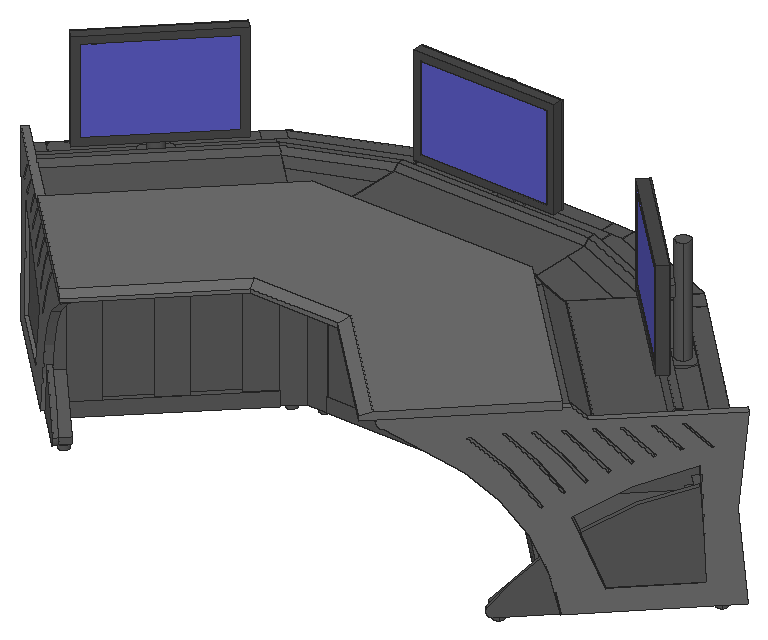
Revit family (continued)
Definition of nested family "W5671WS"
  Automatic sketch dimensions
    plane 1 "Center (Front/Back)" to Extrusion 2 sketch curve = 0' - 0"
    Extrusion 2 sketch curve to plane 3 "Center (Left/Right)" = 0' - 1.6925"
    Extrusion 2 sketch curve to plane 3 "Center (Left/Right)" = 0' - 1 11/16"
    plane 1 "Center (Front/Back)" to Extrusion 2 sketch curve = 0' - 0.00284"
    Extrusion 2 sketch curve to plane 3 "Center (Left/Right)" = 0' - 0.05795"
    plane 3 "Center (Left/Right)" to Extrusion 2 sketch curve = 0' - 0.01773"
    plane 3 "Center (Left/Right)" to Extrusion 2 sketch curve = 0' - 1 11/16"
    Extrusion 2 sketch curve to plane 1 "Center (Front/Back)" = 0' - 1 7/16"
    plane 1 "Center (Front/Back)" to Extrusion 3 sketch curve = 0' - 0"
    Extrusion 3 sketch curve to plane 3 "Center (Left/Right)" = 0' - 0"
    plane 3 "Center (Left/Right)" to Extrusion 4 sketch curve = 0' - 0 3/4"
    Extrusion 4 sketch curve to plane 3 "Center (Left/Right)" = 0' - 0 3/4"
    plane 1 "Center (Front/Back)" to Extrusion 4 sketch curve = 0' - 1"
    Extrusion 4 sketch curve to Extrusion 4 sketch curve = 0' - 1 1/2"
    Extrusion 5 sketch curve to Extrusion 4 = 0' - 0 3/4"  (x3)
    Extrusion 4 to Extrusion 5 sketch curve = 0' - 0 3/4"
    curve 2 to plane 7 "Right Side" = 0' - 0.73281"
    plane 3 "Center (Left/Right)" to curve 5 = 0' - 0 3/4"
    plane 3 "Center (Left/Right)" to curve 1 = 0' - 0 3/4"
    curve 5 to plane 3 "Center (Left/Right)" = 0' - 0 3/4"
    curve 1 to plane 3 "Center (Left/Right)" = 0' - 0 3/4"
    curve 2 to plane 6 "Left Side" = 0' - 0.73281"
    plane 1 "Center (Front/Back)" to curve 1 = 0' - 1 7/16"
    curve 1 to curve 5 = 0' - 1 1/16"
    curve 5 to curve 2 = 0' - 0 5/64"
    Masking region 1 sketch curve to plane 7 "Right Side" = 0' - 0.54531"
    Masking region 1 sketch curve to Masking region 1 sketch curve = 0' - 0 5/64"  (x2)
    radius of Extrusion 3 sketch curve = 0' - 1"
  Nested families (in)
    nested 1: "Generic 20 Inch Wide Screen Monitor" at (0, -2.57812, 10.65625) x (-1, 0, 0) z (0, -1, 0), type "Generic 20 Inch Wide Screen Monitor", detail levels fine
  Definition of nested family "Generic 20 Inch Wide Screen Monitor"
    Parameters (values of type "Generic 20 Inch Wide Screen Monitor")
      Default Elevation = 4' - 0"
    Reference planes (in)
      plane 1 "Center (Front/Back)": y = 0
      plane 2: z = 0
      plane 3 "Center (Left/Right)": x = 0
    Forms (in)
      Extrusion 1, solid
        sketch origin (0, 0, 0) x (1, 0, 0) y (0, 1, 0)
          loop
            line (-48, 48) -> (-48, -48) -> (48, -48) -> (48, 48) -> (-48, 48)
        from 0 to -12
      Extrusion 2, solid, material "Plastic - Winsted Corporation - BL - Black"
        sketch origin (0, 7.03125, 0) x (1, 0, 0) y (0, 1, 0)
          loop
            line (-10, 0) -> (-10, -14.0625) -> (10, -14.0625) -> (10, 0) -> (-10, 0)
        from 0 to 0.07813
      Extrusion 3, solid, material "Plastic - Winsted Corporation - BL - Black"
        sketch origin (0, 7.03125, 0.07812) x (1, 0, 0) y (0, 1, 0)
          loop
            line (-10, 0) -> (-10, -14.0625) -> (10, -14.0625) -> (10, 0) -> (-10, 0)
          loop
            line (-9, -1) -> (-9, -13.0625) -> (9, -13.0625) -> (9, -1) -> (-9, -1)
        from 0 to 1.5
      Extrusion 4, solid, material "Plastic - Winsted Corporation - BLU - Blue"
        sketch origin (0, 7.03125, 1.57812) x (1, 0, 0) y (0, 1, 0)
          loop
            line (-9, -1) -> (-9, -13.0625) -> (9, -13.0625) -> (9, -1) -> (-9, -1)
        from 0 to -0.07813
    Dimensions and locks (in)
      aligned and locked: plane 2 to Extrusion 1
      aligned and locked: level to Extrusion 1
      aligned: plane 1 "Center (Front/Back)" to Extrusion 2 sketch curve
      aligned and locked: Extrusion 3 sketch curve to Extrusion 2  (x4)
      aligned and locked: Extrusion 4 sketch curve to Extrusion 3  (x4)
